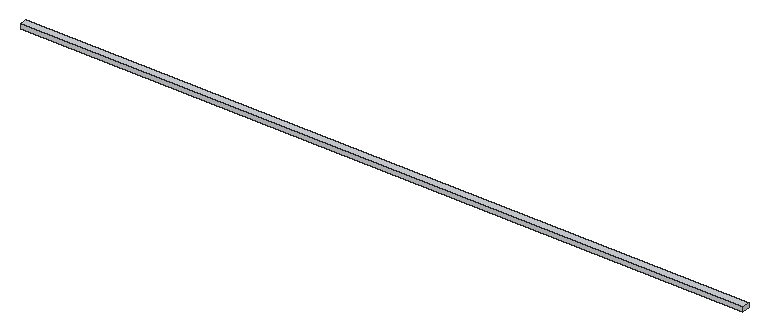
Revit family "STANDARD 5050 S2460.U.4_N.4", category Luminarias, Revit 2019
Family settings
  Cota de conector redondo = Diámetro de uso
  Tipo de pieza = Normal
  Se basa en plano de trabajo = Sí
  Siempre vertical = No
  Corte con vacíos al cargar = No
  Origen de luz = Sí
  Compartido = No
  Punto de cálculo de habitación = No
Parameters (values of type "12V STANDARD 5050 IP67_S2460.N.4")
  Tilt Angle = 60.00°
  built-in parameter 1010506 = 0.5236 (stored number, unit not read)
  built-in parameter 1010507 = 1.5708 (stored number, unit not read)
  Zone [instance] = ""
  Watt per fixture [instance] = (Longitud / 1000 mm) * (12.5)  # 12.5
  Wattage = 12.5 W
  built-in parameter 1150107 = 4500 (stored number, unit not read)
  built-in parameter 1150110 = 1 (stored number, unit not read)
  built-in parameter 1150109 = 1 (stored number, unit not read)
  built-in parameter 1150112 = 1 (stored number, unit not read)
  built-in parameter 1150113 = 1 (stored number, unit not read)
  built-in parameter 1114218 = 1 (stored number, unit not read)
  built-in parameter 1150137 = (empty or 0)
  built-in parameter 1150132 = (empty or 0)
  Modelo = "S2460.N.4"
  Lámpara = "5050 SMD"
  Light Source Symbol Length = 3048 mm
  Longitud de línea de emisión = 600 mm
  Longitud [instance] = 1000 mm
  built-in parameter 1150105 = 3803.3 (stored number, unit not read)
  built-in parameter 1150102 = (empty or 0)
  built-in parameter 1150106 = 38.033 (stored number, unit not read)
  Lumens = 1137.5 lm
  Color Filter = 16777215
  built-in parameter 1114217 = 1 (stored number, unit not read)
  built-in parameter 1150139 = (empty or 0)
  Fabricante = "BRILLANT"
  Default Elevation = 0 mm
  built-in parameter 1150104 = 8.4542 (stored number, unit not read)
  Descripción = "TIRA LED STANDARD DE 10MM DE ANCHO IP67 USO PARA EXTERIORES, DE PCB BLANCO CON RECUBRIMIENTO, MONO CROMATICA, CON UNA POTENCIA DE 12.5W/M DE UN TIPO DE LED 5050 SMD, IRC80, 60 LEDS POR METRO, PRESENTACION DE 5M, TEMPERATURA EN BLANCO FRIO 4500K, 1135 LUMENES METRO, EFICIENCIA DE 91 LM/W, CORTE A 10CM, ALIMENTADA A 12V, REQUIERE ACCESORIOS COMO FUENTE DE PODER Y CABLE DE ALIMENTACION. PERFIL EN CASO DE SER NECESARIO."
  built-in parameter 1150115 = 1 (stored number, unit not read)
  built-in parameter 1150114 = 1 (stored number, unit not read)
  Costo USD_LH60 [instance] = (Longitud / 1000 mm) * (23)  # 23
  Cost = 0
  Comentarios de vataje = "12V"
  built-in parameter 1150138 = (empty or 0)
  built-in parameter 1150134 = (empty or 0)
  Circuit [instance] = ""
  Dimming Lamp Color Temperature Shift = (empty or 0)
  Ancho = 10 mm
  Longitud de símbolo de origen de luz = 3048 mm
Types (2, lengths in mm): name | built-in parameter 1150107 | Modelo | built-in parameter 1150105 | built-in parameter 1150106 | Lumens | built-in parameter 1150104 | Descripción
  12V STANDARD 5050 IP67_S2460.U.4 | 2700 (stored number, unit not read) | "S2460.U.4" | 3510.7 (stored number, unit not read) | 35.107 (stored number, unit not read) | 1050 lm | 7.8039 (stored number, unit not read) | "TIRA LED STANDARD DE 10MM DE ANCHO IP67 USO PARA EXTERIORES, DE PCB BLANCO CON RECUBRIMIENTO, MONO CROMATICA, CON UNA POTENCIA DE 12.5W/M DE UN TIPO DE LED 5050 SMD, IRC80, 60 LEDS POR METRO, PRESENTACION DE 5M, TEMPERATURA EN BLANCO ULTRA CALIDO 2700K, 1044 LUMENES METRO, EFICIENCIA DE 84 LM/W, CORTE A 10CM, ALIMENTADA A 12V, REQUIERE ACCESORIOS COMO FUENTE DE PODER Y CABLE DE ALIMENTACION. PERFIL EN CASO DE SER NECESARIO."
  12V STANDARD 5050 IP67_S2460.N.4 | 4500 (stored number, unit not read) | "S2460.N.4" | 3803.3 (stored number, unit not read) | 38.033 (stored number, unit not read) | 1137.5 lm | 8.4542 (stored number, unit not read) | "TIRA LED STANDARD DE 10MM DE ANCHO IP67 USO PARA EXTERIORES, DE PCB BLANCO CON RECUBRIMIENTO, MONO CROMATICA, CON UNA POTENCIA DE 12.5W/M DE UN TIPO DE LED 5050 SMD, IRC80, 60 LEDS POR METRO, PRESENTACION DE 5M, TEMPERATURA EN BLANCO FRIO 4500K, 1135 LUMENES METRO, EFICIENCIA DE 91 LM/W, CORTE A 10CM, ALIMENTADA A 12V, REQUIERE ACCESORIOS COMO FUENTE DE PODER Y CABLE DE ALIMENTACION. PERFIL EN CASO DE SER NECESARIO."
Reference planes
  plane 1 "Centro (Frontal/Posterior)": y = 0
  plane 2: z = 0
  plane 3 "Centro (Izquierda/Derecha)": x = 0
  plane 4: x = 0
  plane 5: z = 12
  plane 6: x = -1000
  plane 7: y = 5
  plane 8: y = -5
Forms (mm)
  Extrusion 1, solid
    sketch origin (0, 0, 0) x (1, 0, 0) y (0, 1, 0)
      loop
        line (-1000, 5) -> (-1000, -5) -> (0, -5) -> (0, 5) -> (-1000, 5)
    from 0 to 6.038
Dimensions and locks
  "Longitud": plane 6 to plane 4
  equal spacing: plane 7, plane 1 "Centro (Frontal/Posterior)", plane 8
  plane 7 to plane 1 "Centro (Frontal/Posterior)" = 5 mm
  "Ancho": plane 7 to plane 8
  "Longitud": plane 6 to plane 3 "Centro (Izquierda/Derecha)"
  aligned and locked: level to plane 2
  aligned and locked: Extrusion 1 to plane 4
  aligned and locked: plane 6 to Extrusion 1
  aligned and locked: plane 3 "Centro (Izquierda/Derecha)" to Extrusion 1
  aligned and locked: Extrusion 1 to plane 7
  aligned and locked: plane 8 to Extrusion 1
Automatic sketch dimensions
  Extrusion 1 sketch curve to plane 6 = 0 mm
  Extrusion 1 sketch curve to plane 3 "Centro (Izquierda/Derecha)" = 0 mm
  plane 1 "Centro (Frontal/Posterior)" to Extrusion 1 sketch curve = 5 mm
  Extrusion 1 sketch curve to plane 1 "Centro (Frontal/Posterior)" = 5 mm
Connectors
  electrical at (0, 0, 3.019)
    settings: on Extrusion 1, index 1, voltage 12 V, apparent load 0 VA, apparent load phase1 0 VA, apparent load phase2 0 VA, apparent load phase3 0 VA, power factor 1, load classification "Otro", number of poles 1, system type 31, power factor state 1, is connector primary yes, connector utility no, sub classification motor no, connector description ""
